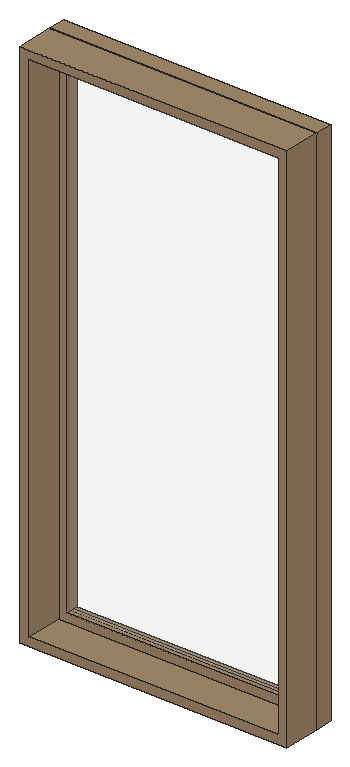
Revit family "1.00X2.00_VwWindow", category Windows, host Wall, Revit 2021
Family settings
  Host = Wall
  OmniClass Number = 23.30.20.17.11
  OmniClass Title = Fixed Windows
  Always vertical = Yes
  Cut with Voids When Loaded = No
  Shared = No
  Room Calculation Point = No
Parameters (values of type "1.5 x 2")
  Window Width [instance] = 1.00 m
  Window Height [instance] = 2.00 m
  Visual Light Transmittance = 0.9
  Thermal Resistance (R) = 1.53941 (h·ft²·°F)/BTU
  Solar Heat Gain Coefficient = 0.78
  Define Thermal Properties by = Schematic Type
  Construction Type Id = "GSP4R"
  Heat Transfer Coefficient (U) = 0.6496 BTU/(h·ft²·°F)
  Assembly Code = "B2020100"
  Glass Pane Material = Glass
  Height = 2.00 m
  Sash Material = Sash
  Default Sill Height = 0.9144 m
  Wall Closure = By host
  Width = 1.00 m
  Window Inset = 0.01905 m
  Analytic Construction = "1/8 in Pilkington single glazing"
Types (4, lengths in m): name | Height | Width
  1.5 x 2 | 2.00 | 1.00
  2 x 2 | 2.06 | 2.06
  0.53 | 2.10 | 0.53
  1 x 2 | 2.00 | 1.00
Reference planes (m)
  plane 1: y = 0
  plane 2: z = 0
  plane 3 "Center": x = -0.0381
  plane 4 "Left": x = -0.5381
  plane 5 "Right": x = 0.4619
  plane 6 "Sill": z = 0.9144
  plane 7 "Top": z = 2.9144
  plane 8: y = 0.1016
  plane 9: y = -0.1016
  plane 10: y = 0.08255
  plane 11: x = -0.51905
  plane 12: x = -0.50635
  plane 13: x = 0.44285
  plane 14: x = 0.43015
  plane 15: z = 2.89535
  plane 16: z = 2.88265
  plane 17: z = 0.94615
  plane 18 "Closure": y = 0.053975
Forms (m)
  Extrusion 1, solid, material "Sash" <- "Sash Material"
    sketch origin (0, 0, 0) x (1, 0, 0) y (0, 0, 1)
      loop
        line (-0.5381, 2.9144) -> (-0.5381, 0.9144) -> (0.4619, 0.9144) -> (0.4619, 2.9144) -> (-0.5381, 2.9144)
      loop
        line (-0.51905, 2.89535) -> (-0.51905, 0.93345) -> (0.44285, 0.93345) -> (0.44285, 2.89535) -> (-0.51905, 2.89535)
    from -0.1016 to -0.0381
  Extrusion 2, solid, material "Sash" <- "Sash Material"
    sketch origin (0, 0, 0) x (-1, 0, 0) y (0, 0, 1)
      loop
        line (-0.4619, 2.9144) -> (-0.4619, 0.9144) -> (0.5381, 0.9144) -> (0.5381, 2.9144) -> (-0.4619, 2.9144)
      loop
        line (-0.43015, 2.88265) -> (-0.43015, 0.94615) -> (0.50635, 0.94615) -> (0.50635, 2.88265) -> (-0.43015, 2.88265)
    from 0.0381 to -0.1016
  Extrusion 3, solid, material "Sash" <- "Sash Material"
    sketch origin (0, 0, 0) x (-1, 0, 0) y (0, 0, 1)
      loop
        line (-0.44285, 2.89535) -> (-0.44285, 0.93345) -> (0.51905, 0.93345) -> (0.51905, 2.89535) -> (-0.44285, 2.89535)
      loop
        line (-0.3984, 2.8509) -> (-0.3984, 0.9779) -> (0.4746, 0.9779) -> (0.4746, 2.8509) -> (-0.3984, 2.8509)
    from 0.0381 to 0.08255
  Extrusion 4, solid, material "Glass" <- "Glass Pane Material"
    sketch origin (-0.124971, 0, -0.117036) x (1, 0, 0) y (0, 0, 1)
      loop
        line (-0.349629, 2.967936) -> (-0.349629, 1.094936) -> (0.523371, 1.094936) -> (0.523371, 2.967936) -> (-0.349629, 2.967936)
    from -0.066675 to -0.053975
Lines and regions (m)
  Opening 1
    outline origin (-1.524, -0.1016, 0) x (1, 0, 0) y (0, 0, 1)
      loop
        line (0.9859, 2.9144) -> (0.9859, 0.9144) -> (1.9859, 0.9144) -> (1.9859, 2.9144) -> (0.9859, 2.9144)
  symbolic lines, style "WindowsFrameMullionProjection"
    curve 1: line (-0.5381, 0.1016, 0) -> (-0.51905, 0.1016, 0)
    curve 2: line (-0.51905, 0.0381, 0) -> (-0.51905, 0.1016, 0)
    curve 3: line (-0.51905, 0.0381, 0) -> (-0.50635, 0.0381, 0)
    curve 4: line (-0.50635, -0.1016, 0) -> (-0.50635, 0.0381, 0)
    curve 5: line (0.4619, 0.1016, 0) -> (0.44285, 0.1016, 0)
    curve 6: line (0.43015, 0.0381, 0) -> (0.43015, -0.1016, 0)
    curve 7: line (0.43015, 0.0381, 0) -> (0.44285, 0.0381, 0)
    curve 8: line (0.44285, 0.0381, 0) -> (0.44285, 0.1016, 0)
    curve 9: line (-0.51905, 0.08255, 0) -> (-0.4746, 0.08255, 0)
    curve 10: line (-0.51905, 0.08255, 0) -> (-0.51905, 0.0381, 0)
    curve 11: line (-0.51905, 0.0381, 0) -> (-0.4746, 0.0381, 0)
    curve 12: line (-0.4746, 0.08255, 0) -> (-0.4746, 0.0381, 0)
    curve 13: line (0.44285, 0.08255, 0) -> (0.3984, 0.08255, 0)
    curve 14: line (0.44285, 0.08255, 0) -> (0.44285, 0.0381, 0)
    curve 15: line (0.44285, 0.0381, 0) -> (0.3984, 0.0381, 0)
    curve 16: line (0.3984, 0.08255, 0) -> (0.3984, 0.0381, 0)
    curve 18: line (-0.50635, -0.1016, 0) -> (-0.5381, -0.1016, 0)
    curve 19: line (0.43015, -0.1016, 0) -> (0.4619, -0.1016, 0)
  symbolic lines, style "WindowsGlassProjection"
    curve 17: line (-0.4746, 0.060325, 0) -> (0.3984, 0.060325, 0)
Text (m)
  text "EXTERIOR" at (-1.437207, 1.354346, 0), in view "Floor Line"
  text "INTERIOR" at (-1.490695, -1.070518, 0), in view "Floor Line"
  text "Exterior" at (0, 1.10887, 3.415022), in view "Left"
  text "Exterior" at (0, 0.464664, 3.176206), in view "Right"
Dimensions and locks (m)
  equal spacing: plane 4 "Left", plane 3 "Center", plane 5 "Right"
  "Window Width": plane 4 "Left" to plane 5 "Right"
  plane 2 to plane 6 "Sill" to plane 16 to plane 7 "Top" = 0.9144 m, 1.96825 m, 0.03175 m
  "Window Inset": plane 8 to plane 10
  locked: plane 10 to Extrusion 3 at 0.04445
  locked: plane 10 to Extrusion 4 at 0.015875
  locked: Extrusion 4 to Extrusion 4 at 0.0127
  locked: plane 4 "Left" to plane 11 at 0.01905
  locked: plane 13 to plane 5 "Right" at 0.01905
  locked: plane 14 to plane 5 "Right" at 0.03175
  locked: plane 4 "Left" to plane 12 at 0.03175
  locked: plane 15 to plane 7 "Top" at 0.01905
  locked: plane 7 "Top" to plane 16 at 0.03175
  locked: plane 17 to plane 6 "Sill" at 0.03175
  "Window Height": plane 7 "Top" to plane 6 "Sill"
  "Default Sill Height": plane 6 "Sill" to plane 2
  locked: plane 10 to plane 18 "Closure" at 0.028575
  aligned and locked: plane 7 "Top" to Opening 1 sketch curve
  aligned and locked: plane 6 "Sill" to Opening 1 sketch curve  (x2)
  aligned and locked: plane 5 "Right" to Opening 1 sketch curve
  aligned and locked: plane 4 "Left" to Opening 1 sketch curve
  aligned and locked: plane 9 to host wall
  aligned and locked: host wall to Extrusion 2
  aligned and locked: plane 10 to Extrusion 3
  aligned and locked: plane 8 to host wall
  aligned and locked: host wall to Extrusion 1
  aligned and locked: Extrusion 2 to Extrusion 1
  aligned and locked: Extrusion 1 to Extrusion 3
  aligned and locked: Extrusion 4 sketch curve to Extrusion 3  (x4)
  aligned and locked: curve 5 to Extrusion 1  (x2)
  aligned and locked: curve 6 to Extrusion 2
  aligned and locked: curve 4 to Extrusion 2
  aligned and locked: curve 16 to Extrusion 3
  aligned and locked: Extrusion 1 to curve 11
  aligned and locked: Extrusion 1 to curve 7
Automatic sketch dimensions
  Extrusion 1 sketch curve to plane 4 "Left" = 0.00 m
  Extrusion 1 sketch curve to plane 5 "Right" = 0.00 m
  Extrusion 1 sketch curve to plane 4 "Left" = 0.01905 m
  plane 5 "Right" to Extrusion 1 sketch curve = 0.01905 m
  Extrusion 1 sketch curve to plane 6 "Sill" = 0.00 m
  Extrusion 1 sketch curve to plane 7 "Top" = 0.00 m
  Extrusion 1 sketch curve to plane 6 "Sill" = 0.01905 m
  plane 7 "Top" to Extrusion 1 sketch curve = 0.01905 m
  Extrusion 2 sketch curve to plane 5 "Right" = 0.00 m
  Extrusion 2 sketch curve to plane 4 "Left" = 0.00 m
  plane 5 "Right" to Extrusion 2 sketch curve = 0.03175 m
  Extrusion 2 sketch curve to plane 4 "Left" = 0.03175 m
  Extrusion 2 sketch curve to plane 6 "Sill" = 0.00 m
  Extrusion 2 sketch curve to plane 7 "Top" = 0.00 m
  Extrusion 2 sketch curve to plane 6 "Sill" = 0.03175 m
  plane 7 "Top" to Extrusion 2 sketch curve = 0.03175 m
  plane 5 "Right" to Extrusion 3 sketch curve = 0.01905 m
  plane 5 "Right" to Extrusion 3 sketch curve = 0.0635 m
  Extrusion 3 sketch curve to plane 4 "Left" = 0.0635 m
  Extrusion 3 sketch curve to plane 4 "Left" = 0.01905 m
  Extrusion 3 sketch curve to plane 6 "Sill" = 0.01905 m
  Extrusion 3 sketch curve to plane 6 "Sill" = 0.0635 m
  plane 7 "Top" to Extrusion 3 sketch curve = 0.0635 m
  plane 7 "Top" to Extrusion 3 sketch curve = 0.01905 m
  curve 18 to plane 4 "Left" = 0.00 m
  curve 1 to plane 4 "Left" = 0.00 m
  curve 2 to plane 8 = 0.00 m
  curve 10 to plane 10 = 0.00 m
  curve 13 to plane 10 = 0.00 m
  curve 19 to plane 5 "Right" = 0.00 m
  curve 1 to curve 2 = 0.01905 m
  curve 9 to curve 12 = 0.04445 m
  plane 5 "Right" to curve 13 = 0.01905 m
  curve 19 to plane 9 = 0.00 m
  curve 4 to plane 9 = 0.00 m
  curve 11 to curve 17 = 0.022225 m
